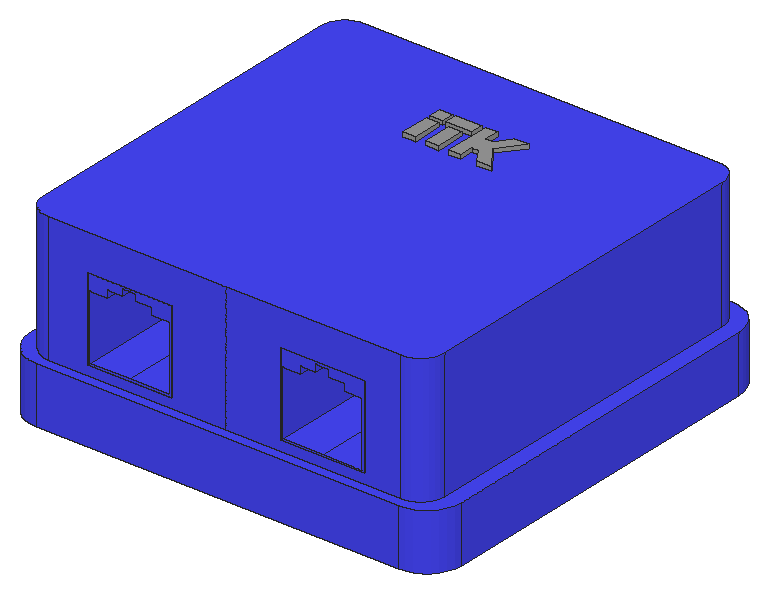
Revit family "ITK_Информационная розетка_2порта_IP20", category Обобщенные модели, Revit 2019
Family settings
  Может служить основой для арматурных стержней = Нет
  Размер круглого соединителя = Использовать диаметр
  Тип детали = Нормальный
  На основе рабочей плоскости = Нет
  Всегда вертикально = Да
  При загрузке вырезать с полостями = Нет
  Общий = Нет
  Точка расчета площади = Нет
Parameters (values of type "Категория 6_Экранированная")
  Ширина = 62 mm  # constant formula
  Степень защиты = "IP20"  # constant formula
  Материал = Нержавеющая сталь
  Изготовитель = "ITK"  # constant formula
  Дата изменения = ""
  Глубина = 60 mm  # constant formula
  Высота = 26.5 mm  # constant formula
  URL = "https://www.iek.ru/"
  KSI_CPr_Строительные изделия = ""
  KSI_CMa_Строительные материалы = "01.7.14.03"  # constant formula
  IEK_Цена за единицу = 351.32
  IEK_Поиск в таблице имен = ""
  IEK_Описание = "Соответствие международным стандартам качества, что обеспечивает совместимость с компонентами для СКС и с кабелем других производителей. Изготовлены из высококачественных негорючих материалов и отличаются надежностью и удобством эксплуатации."
  IEK_URL = "https://www.itk-group.ru/produktsiya/catalog/oborudovanie_telekommunikatsionnoe/komponenty_sks_mednye/rozetki_adaptery_i_moduli_keystone/moduli_keystone_jack_informatsionnye_rozetki_rozetochnye_korpusa_i_adaptery/informatsionnnye_rozetki/informatsionnnye_rozetki_nastennye_ekranirovanye_ftp/itk_nastennaya_informatsionnaya_rozetka_rj45_kat_6_ftp_2_porta"
  ADSK_Примечание = ""
  ADSK_Позиция [instance] = ""
  ADSK_Наименование = "ITK Настенная инф. розетка RJ45 кат. 6 FTP 2-порт"
  ADSK_Материал обозначение = ""
  ADSK_Материал наименование = "АБС-пластик"  # constant formula
  ADSK_Масса = 0.054
  ADSK_Марка = ""  # constant formula
  ADSK_Код изделия = "CS2-1C06F-22"
  ADSK_Завод-изготовитель = "IEK"  # constant formula
  ADSK_Единица измерения = "шт"  # constant formula
  ADSK_Группирование = "I. ЩИТЫ И ПУЛЬТЫ"  # constant formula
  ADSK_Версия семейства = "1.0"  # constant formula
  ADSK_Версия Revit = "2019"  # constant formula
  ADSK_URL страницы изделия = "https://www.itk-group.ru/produktsiya/catalog/oborudovanie_telekommunikatsionnoe/komponenty_sks_mednye/rozetki_adaptery_i_moduli_keystone/moduli_keystone_jack_informatsionnye_rozetki_rozetochnye_korpusa_i_adaptery/informatsionnnye_rozetki/"
Types (4, lengths in mm): name | Материал | IEK_Цена за единицу | IEK_Описание | IEK_URL | ADSK_Наименование | ADSK_Масса | ADSK_Код изделия
  Категория 5E_Неэкранированная | Окраска - RAL 9005 | 256.91 | "Стабильная передача данных. Изготовлены из высококачественных негорючих материалов. Надежность и удобство эксплуатации. Соответствие международным стандартам качества." | "https://www.itk-group.ru/produktsiya/catalog/oborudovanie_telekommunikatsionnoe/komponenty_sks_mednye/rozetki_adaptery_i_moduli_keystone/moduli_keystone_jack_informatsionnye_rozetki_rozetochnye_korpusa_i_adaptery/informatsionnnye_rozetki/informatsionnnye_rozetki_nastennye_neekranirovanye_utp/itk_nastennaya_informatsionnaya_rozetka_rj45_8p8c_kat_5e_utp_2_porta_belaya" | "ITK Настенная инф. розетка RJ45, кат.5Е UTP, 2-порта" | 0.045 | "CS2-1C5EU-22"
  Категория 6_Неэкранированная | Окраска - RAL 9005 | 291.19 | "Соответствие международным стандартам качества, что обеспечивает совместимость с компонентами для СКС и с кабелем других производителей. Изготовлены из высококачественных негорючих материалов и отличаются надежностью и удобством эксплуатации." | "https://www.itk-group.ru/produktsiya/catalog/oborudovanie_telekommunikatsionnoe/komponenty_sks_mednye/rozetki_adaptery_i_moduli_keystone/moduli_keystone_jack_informatsionnye_rozetki_rozetochnye_korpusa_i_adaptery/informatsionnnye_rozetki/informatsionnnye_rozetki_nastennye_neekranirovanye_utp/itk_nastennaya_informatsionnaya_rozetka_rj_45_kat_6_2_porta" | "ITK Настенная инф.розетка RJ-45, кат.6, 2-порта" | 0.045 | "CS2-1C6U-22"
  Категория 6_Экранированная | Нержавеющая сталь | 351.32 | "Соответствие международным стандартам качества, что обеспечивает совместимость с компонентами для СКС и с кабелем других производителей. Изготовлены из высококачественных негорючих материалов и отличаются надежностью и удобством эксплуатации." | "https://www.itk-group.ru/produktsiya/catalog/oborudovanie_telekommunikatsionnoe/komponenty_sks_mednye/rozetki_adaptery_i_moduli_keystone/moduli_keystone_jack_informatsionnye_rozetki_rozetochnye_korpusa_i_adaptery/informatsionnnye_rozetki/informatsionnnye_rozetki_nastennye_ekranirovanye_ftp/itk_nastennaya_informatsionnaya_rozetka_rj45_kat_6_ftp_2_porta" | "ITK Настенная инф. розетка RJ45 кат. 6 FTP 2-порт" | 0.054 | "CS2-1C06F-22"
  Категория 5E_Экранированная | Нержавеющая сталь | 313.54 | "Стабильная передача данных. Изготовлены из высококачественных негорючих материалов. Надежность и удобство эксплуатации. Соответствие международным стандартам качества." | "https://www.itk-group.ru/produktsiya/catalog/oborudovanie_telekommunikatsionnoe/komponenty_sks_mednye/rozetki_adaptery_i_moduli_keystone/moduli_keystone_jack_informatsionnye_rozetki_rozetochnye_korpusa_i_adaptery/informatsionnnye_rozetki/informatsionnnye_rozetki_nastennye_ekranirovanye_ftp/itk_nastennaya_informatsionnaya_rozetka_rj45_kat_5e_ftp_2_porta" | "ITK Настенная инф. розетка RJ45 кат. 5E FTP 2-порт" | 0.05 | "CS2-1C5EF-22"
Reference planes
  plane 1 "По центру (Вперед/Назад)": y = -5.683
  plane 2: z = 0
  plane 3 "По центру (Влево/Вправо)": x = 0
  plane 4: y = 24.317
  plane 5: y = -35.683
  plane 6: x = -31
  plane 7: x = 31
  plane 8: z = 26.5
Forms (mm)
  Extrusion 1, solid, material "Пластик белый", detail levels fine
    sketch origin (0, 0, 0) x (1, 0, 0) y (0, 1, 0)
      loop
        line (-31, 19.119) -> (-31, -30.683)
        arc (-31, -30.683) -> (-29.536, -34.219) -> (-26, -35.683) r 5
        line (-26, -35.683) -> (26, -35.683)
        arc (26, -35.683) -> (29.536, -34.219) -> (31, -30.683) r 5
        line (31, -30.683) -> (31, 19.119)
        arc (31, 19.119) -> (29.536, 22.655) -> (26, 24.119) r 5
        line (26, 24.119) -> (-26, 24.119)
        arc (-26, 24.119) -> (-29.536, 22.655) -> (-31, 19.119) r 5
    from 8.1 to 0
  Extrusion 2, void
    sketch origin (0, 0, 0) x (1, 0, 0) y (0, 1, 0)
      loop
        line (-29.024, 19.091) -> (-29.024, -30.654)
        arc (-29.024, -30.654) -> (-27.99, -33.15) -> (-25.495, -34.183) r 3.529
        line (-25.495, -34.183) -> (-0.469, -34.183) -> (25.102, -34.183)
        arc (25.102, -34.183) -> (27.597, -33.15) -> (28.63, -30.654) r 3.529
        line (28.63, -30.654) -> (28.63, 19.091)
        arc (28.63, 19.091) -> (27.597, 21.586) -> (25.102, 22.619) r 3.529
        line (25.102, 22.619) -> (-25.495, 22.619)
        arc (-25.495, 22.619) -> (-27.99, 21.586) -> (-29.024, 19.091) r 3.529
    from 8.1 to 2
  Extrusion 3, solid, material "Пластик белый", detail levels fine
    sketch origin (0, 0, 0) x (1, 0, 0) y (0, 1, 0)
      loop
        arc (-29.024, -30.654) -> (-27.99, -33.15) -> (-25.495, -34.183) r 3.529
        line (-25.495, -34.183) -> (0.005, -34.183) -> (25.102, -34.183)
        arc (25.102, -34.183) -> (27.597, -33.15) -> (28.63, -30.654) r 3.529
        line (28.63, -30.654) -> (28.63, 19.091)
        arc (28.63, 19.091) -> (27.597, 21.586) -> (25.102, 22.619) r 3.529
        line (25.102, 22.619) -> (-25.495, 22.619)
        arc (-25.495, 22.619) -> (-27.99, 21.586) -> (-29.024, 19.091) r 3.529
        line (-29.024, 19.091) -> (-29.024, -30.654)
    from 2 to 26.5
  Extrusion 4, void
    sketch origin (0, 0, 0) x (1, 0, 0) y (0, 1, 0)
      loop
        line (-26.867, 19.317) -> (-26.867, -30.683)
        arc (-26.867, -30.683) -> (-26.281, -32.097) -> (-24.867, -32.683) r 2
        line (-24.867, -32.683) -> (24.459, -32.683)
        arc (24.459, -32.683) -> (25.873, -32.097) -> (26.459, -30.683) r 2
        line (26.459, -30.683) -> (26.459, 19.317)
        arc (26.459, 19.317) -> (25.873, 20.731) -> (24.459, 21.317) r 2
        line (24.459, 21.317) -> (-24.867, 21.317)
        arc (-24.867, 21.317) -> (-26.281, 20.731) -> (-26.867, 19.317) r 2
    from 2 to 23.5
  Extrusion 5, void
    sketch origin (0, -5.683, 0) x (1, 0, 0) y (0, 0, 1)
      loop
        line (-7.8, 9.5) -> (-7.8, 21.35) -> (-19.9, 21.35) -> (-19.9, 9.5) -> (-7.8, 9.5)
      loop
        line (7.8, 9.5) -> (19.9, 9.5) -> (19.9, 21.35) -> (7.8, 21.35) -> (7.8, 9.5)
    from 27 to 28.5
  Extrusion 6, solid, material "Нержавеющая сталь" <- "Материал", detail levels fine
    sketch origin (0, -5.683, 0) x (1, 0, 0) y (0, 0, 1)
      loop
        line (-7.8, 21.35) -> (-19.9, 21.35) -> (-19.9, 9.5) -> (-7.8, 9.5) -> (-7.8, 21.35)
      loop
        line (7.8, 9.5) -> (19.9, 9.5) -> (19.9, 21.35) -> (7.8, 21.35) -> (7.8, 9.5)
    from -7.773 to 28.5
  Extrusion 7, void
    sketch origin (0, -5.683, 0) x (1, 0, 0) y (0, 0, 1)
      loop
        line (-13.85, 21.092) -> (-14.78, 21.092) -> (-14.78, 20.124) -> (-16.986, 20.124) -> (-16.986, 19.075) -> (-19.541, 19.075) -> (-19.541, 9.742) -> (-13.85, 9.742) -> (-8.159, 9.742) -> (-8.159, 19.075) -> (-10.714, 19.075) -> (-10.714, 20.124) -> (-12.92, 20.124) -> (-12.92, 21.092) -> (-13.85, 21.092)
      loop
        line (13.85, 21.092) -> (12.92, 21.092) -> (12.92, 20.124) -> (10.714, 20.124) -> (10.714, 19.075) -> (8.159, 19.075) -> (8.159, 9.742) -> (13.85, 9.742) -> (19.541, 9.742) -> (19.541, 19.075) -> (16.986, 19.075) -> (16.986, 20.124) -> (14.78, 20.124) -> (14.78, 21.092) -> (13.85, 21.092)
    from 2 to 28.5
  Extrusion 8, solid, material "Окраска - RAL 9005", detail levels fine
    sketch origin (2.047, -4.201, 26.5) x (1, 0, 0) y (0, 1, 0)
      loop
        line (-8.095, 13.526) -> (-8.095, 9.294) -> (-6.245, 9.294) -> (-6.245, 13.526) -> (-8.095, 13.526)
      loop
        line (-8.095, 14.116) -> (-6.245, 14.116) -> (-6.245, 15.911) -> (-8.095, 15.911) -> (-8.095, 14.116)
      loop
        line (-1.493, 15.911) -> (-1.493, 9.294) -> (0.251, 9.294) -> (0.251, 11.342) -> (1.2, 11.342) -> (2.53, 9.294) -> (4.655, 9.294) -> (2.247, 12.608) -> (4.655, 15.911) -> (2.53, 15.911) -> (1.2, 13.863) -> (0.251, 13.863) -> (0.251, 15.911) -> (-1.493, 15.911)
      loop
        line (-5.717, 14.116) -> (-2.094, 14.116) -> (-2.094, 15.911) -> (-5.717, 15.911) -> (-5.717, 14.116)
      loop
        line (-4.813, 13.526) -> (-4.813, 9.294) -> (-2.963, 9.294) -> (-2.963, 13.526) -> (-4.813, 13.526)
    from 0 to 0.554
  Extrusion 9, solid, material "Условный материал-отделка", detail levels coarse+medium
    sketch origin (0, 0, 0) x (1, 0, 0) y (0, 1, 0)
      loop
        line (-31, 24.317) -> (-31, -35.683) -> (31, -35.683) -> (31, 24.317) -> (-31, 24.317)
    from 0 to 26.5 <- "Высота"
  Extrusion 10, void
    sketch origin (0, -5.683, 0) x (1, 0, 0) y (0, 0, 1)
      loop
        line (0, 6.029) -> (3.022, 6.029) -> (3.022, 11.986)
        arc (3.022, 11.986) -> (0, 15.008) -> (-3.022, 11.986) r 3.022
        line (-3.022, 11.986) -> (-3.022, 6.029) -> (0, 6.029)
    from -27 to -34.337
Cuts and joins
  Extrusion 2, Extrusion 4 cuts Extrusion 1
  Extrusion 4, Extrusion 5, Extrusion 10 cuts Extrusion 3
  Extrusion 7 cuts Extrusion 6
  Extrusion 10 cuts Extrusion 9
Dimensions and locks
  equal spacing: plane 4, plane 1 "По центру (Вперед/Назад)", plane 5
  "Глубина": plane 4 to plane 5
  equal spacing: plane 6, plane 3 "По центру (Влево/Вправо)", plane 7
  "Ширина": plane 6 to plane 7
  "Высота": plane 8 to level
  aligned and locked: level to plane 2
  aligned and locked: Extrusion 1 to plane 5
  aligned and locked: Extrusion 5 to cut or joined group of Extrusion 3, Extrusion 4, Extrusion 5, Extrusion 10
  aligned and locked: Extrusion 6 sketch curve to cut or joined group of Extrusion 3, Extrusion 4, Extrusion 5, Extrusion 10  (x8)
  aligned and locked: Extrusion 1 to plane 6
  aligned and locked: plane 7 to Extrusion 1
  aligned and locked: Extrusion 3 to cut or joined group of Extrusion 1, Extrusion 2, Extrusion 4
  aligned and locked: Extrusion 2 to cut or joined group of Extrusion 3, Extrusion 4, Extrusion 5, Extrusion 10
  aligned and locked: cut or joined group of Extrusion 3, Extrusion 4, Extrusion 5, Extrusion 10 to plane 8
Automatic sketch dimensions
  Extrusion 1 sketch curve to plane 5 = 0 mm
  Extrusion 1 sketch curve to plane 4 = 5.197 mm  (x2)
  Extrusion 1 sketch curve to plane 3 "По центру (Влево/Вправо)" = 31 mm
  Extrusion 1 sketch curve to plane 4 = 0.197 mm
  Extrusion 1 sketch curve to Extrusion 1 sketch curve = 5 mm
  plane 3 "По центру (Влево/Вправо)" to Extrusion 1 sketch curve = 26 mm  (x2)
  plane 5 to Extrusion 2 sketch curve = 5.029 mm  (x2)
  Extrusion 2 sketch curve to plane 3 "По центру (Влево/Вправо)" = 29.024 mm
  Extrusion 2 sketch curve to Extrusion 2 sketch curve = 3.529 mm  (x2)
  Extrusion 2 sketch curve to plane 3 "По центру (Влево/Вправо)" = 0.469 mm
  Extrusion 2 sketch curve to plane 4 = 5.226 mm
  plane 3 "По центру (Влево/Вправо)" to Extrusion 2 sketch curve = 25.102 mm  (x2)
  Extrusion 3 sketch curve to Extrusion 3 sketch curve = 3.529 mm  (x4)
  plane 3 "По центру (Влево/Вправо)" to Extrusion 3 sketch curve = 0.005 mm
  plane 5 to Extrusion 3 sketch curve = 5.029 mm
  level to Extrusion 5 sketch curve = 9.5 mm  (x2)
  Extrusion 5 sketch curve to plane 3 "По центру (Влево/Вправо)" = 19.9 mm
  Extrusion 5 sketch curve to plane 3 "По центру (Влево/Вправо)" = 7.8 mm
  plane 3 "По центру (Влево/Вправо)" to Extrusion 5 sketch curve = 7.8 mm
  Extrusion 5 sketch curve to Extrusion 5 sketch curve = 12.1 mm
  Extrusion 5 sketch curve to Extrusion 5 sketch curve = 11.85 mm  (x2)
  level to Extrusion 7 sketch curve = 9.742 mm  (x2)
  Extrusion 7 sketch curve to plane 3 "По центру (Влево/Вправо)" = 19.541 mm
  Extrusion 7 sketch curve to Extrusion 7 sketch curve = 2.555 mm  (x3)
  Extrusion 7 sketch curve to Extrusion 7 sketch curve = 2.205 mm  (x4)
  Extrusion 7 sketch curve to Extrusion 7 sketch curve = 0.93 mm  (x4)
  Extrusion 7 sketch curve to Extrusion 7 sketch curve = 5.691 mm  (x3)
  plane 3 "По центру (Влево/Вправо)" to Extrusion 7 sketch curve = 8.159 mm
  Extrusion 7 sketch curve to Extrusion 7 sketch curve = 9.333 mm  (x2)
  Extrusion 7 sketch curve to Extrusion 7 sketch curve = 0 mm  (x2)
  Extrusion 7 sketch curve to Extrusion 7 sketch curve = 1.049 mm  (x4)
  Extrusion 7 sketch curve to Extrusion 7 sketch curve = 0.968 mm  (x2)
  Extrusion 8 sketch curve to plane 3 "По центру (Влево/Вправо)" = 6.048 mm
  Extrusion 8 sketch curve to Extrusion 8 sketch curve = 0 mm  (x8)
  Extrusion 8 sketch curve to Extrusion 8 sketch curve = 1.85 mm
  Extrusion 8 sketch curve to Extrusion 8 sketch curve = 0.528 mm
  Extrusion 8 sketch curve to Extrusion 8 sketch curve = 0.904 mm
  Extrusion 8 sketch curve to plane 3 "По центру (Влево/Вправо)" = 0.916 mm
  Extrusion 8 sketch curve to plane 3 "По центру (Влево/Вправо)" = 0.047 mm
  plane 3 "По центру (Влево/Вправо)" to Extrusion 8 sketch curve = 0.554 mm
  Extrusion 8 sketch curve to Extrusion 8 sketch curve = 1.744 mm  (x2)
  Extrusion 8 sketch curve to Extrusion 8 sketch curve = 0.948 mm  (x2)
  Extrusion 8 sketch curve to Extrusion 8 sketch curve = 1.047 mm
  Extrusion 8 sketch curve to Extrusion 8 sketch curve = 2.278 mm  (x2)
  Extrusion 8 sketch curve to Extrusion 8 sketch curve = 2.125 mm  (x2)
  Extrusion 8 sketch curve to plane 1 "По центру (Вперед/Назад)" = 10.776 mm
  Extrusion 8 sketch curve to Extrusion 8 sketch curve = 2.048 mm  (x2)
  Extrusion 8 sketch curve to Extrusion 8 sketch curve = 1.266 mm
  Extrusion 8 sketch curve to Extrusion 8 sketch curve = 2.184 mm
  Extrusion 8 sketch curve to Extrusion 8 sketch curve = 1.255 mm
  Extrusion 8 sketch curve to Extrusion 8 sketch curve = 0.59 mm
  Extrusion 8 sketch curve to Extrusion 8 sketch curve = 1.795 mm  (x2)
  plane 6 to Extrusion 3 sketch curve = 5.505 mm
  Extrusion 3 sketch curve to plane 7 = 5.898 mm
  Extrusion 3 sketch curve to plane 4 = 5.226 mm
  Extrusion 9 sketch curve to plane 5 = 0 mm
  Extrusion 9 sketch curve to plane 6 = 0 mm
  Extrusion 9 sketch curve to plane 7 = 0 mm
  Extrusion 9 sketch curve to plane 4 = 0 mm
  Extrusion 10 sketch curve to plane 3 "По центру (Влево/Вправо)" = 0 mm  (x2)
  plane 3 "По центру (Влево/Вправо)" to Extrusion 10 sketch curve = 3.022 mm
  level to Extrusion 10 sketch curve = 6.029 mm
  Extrusion 10 sketch curve to Extrusion 10 sketch curve = 5.957 mm
